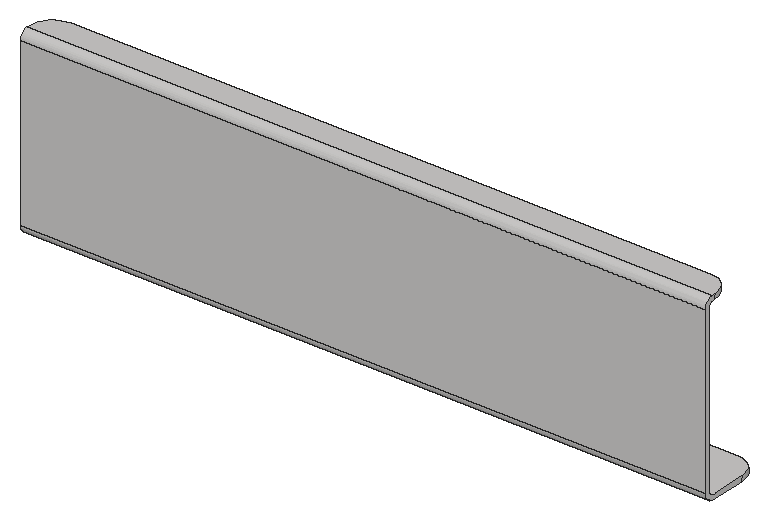
Revit family "PRD_FrankeWS_Shlvs_Heavy-DutyShelf_AL300HD,TA500HD,TA600HD", category Furniture, host Face, Revit 2018
Family settings
  Host = Face
  OmniClass Number = 23.40.20.00
  OmniClass Title = General Furniture and Specialties
  Cut with Voids When Loaded = No
  Shared = No
  Room Calculation Point = No
Parameters (values of type "AL300HD")
  WarrantyStartDate [instance] = "1900-12-31T23:59:59"
  WarrantyGuarantorParts = "n/a"
  WarrantyGuarantorLabor = "n/a"
  WarrantyDurationUnit = "year"
  WarrantyDurationParts = "n/a"
  WarrantyDurationLabor = "n/a"
  WarrantyDescription = "n/a"
  Version = "1"
  Uniclass2015Version = "Products v1.10"
  Uniclass2015Title = "Bathroom shelves"
  Uniclass2015Code = "Pr_40_30_78_06"
  URL = "www.kwc.com"
  TypeOfMounting = "Wall mounting"
  TagNumber [instance] = "n/a"
  SustainabilityPerformance = "n/a"
  Style = "Shelf"
  Size = "300 x 30 x 80 mm"
  ShelfMaterial = PRD_AR_StainlessSteel_SatinFinished
  Shape = "Rectangular"
  SerialNumber [instance] = "n/a"
  Revision = "n/a"
  ReplacementCost = "n/a"
  ProductInformation = "https://pim.kwc.com/product/2000056718/attachment/datasheet?locale=en"
  OverallWidth = 300.00 mm
  NominalWidth = 300.00 mm
  NominalHeight = 30.00 mm
  NominalDepth = 80.00 mm
  NetWeight = 0.60 kg
  Name = "HEAVY-DUTY shelf AL300HD"
  NBSTypeID = "n/a"
  NBSReference = "45-35-72/354"
  NBSOfficeMasterTag = "n/a"
  NBSNote = "n/a"
  NBSDescription = "Shelves"
  NBSCertification = "n/a"
  ModelReference = "AL300HD"
  ModelNumber = "2000056718"
  Model = ModelReference  # "AL300HD"
  Material = "Stainless steel"
  ManufacturerURL = "www.kwc.com"
  ManufacturerName = "KWC Group AG"  # constant formula
  Manufacturer = ManufacturerName  # "KWC Group AG"
  MainColor = "Stainless steel"
  IntegralAccessories = "Incl. stainless steel crosshead screws and dowels"
  InstallationDate [instance] = "1900-12-31T23:59:59"
  IfcExportType = "NOTDEFINED"
  IfcExportAs = "IfcFurnitureType"
  GrossWeight = 0.80 kg
  Grade = "n/a"
  Form = "Wall mounted"
  FinishAndColour = "Stainless steel 1.4301, satin finished"
  Finish = "Satin finished"
  Features = "stainless steel, 2.00 mm, satin finished, wall mounting, 300x30x80 mm (WxHxD)"
  ExpectedLife = "n/a"
  DurationUnit = "year"
  Description = "Shelf for wall mounting, stainless steel, surface satin finished, Material thickness 2 mm, rounded edges, protection edge at front. Incl. stainless steel crosshead screws and dowels. length 300 mm"
  Default Elevation = 1500.00 mm
  CreatedOn = "12/2018"  # constant formula
  Constituents = "n/a"
  Color = "Stainless steel"
  CodePerformance = "n/a"
  Category = "Pr_40_30_78_06, Bathroom shelves"
  BarCode [instance] = "n/a"
  BIMObjectName = "PRD_AR_Shelves_Heavy-DutyShelf_AL300HD"
  Author = "Archispace"  # constant formula
  AssetType = "Fixed"
  AssetIdentifier [instance] = "n/a"
  AccessibilityPerformance = "n/a"
Types (3, lengths in mm): name | Size | ProductInformation | OverallWidth | NominalWidth | NetWeight | Name | ModelReference | ModelNumber | Model | GrossWeight | Features | Description | BIMObjectName
  TA500HD | "500 x 30 x 80 mm" | "https://pim.kwc.com/product/2000102702/attachment/datasheet?locale=en" | 500.00 | 500.00 | 1.00 kg | "HEAVY-DUTY shelf TA500HD" | "TA500HD" | "2000102702" | "TA500HD" | 1.15 kg | "stainless steel, 2.00 mm, satin finished, wall mounting, 500x30x80 mm (WxHxD)" | "Shelf for wall mounting, stainless steel, surface satin finished, Material thickness 2 mm, rounded edges, protection edge at front. Incl. stainless steel crosshead screws and dowels. length 500 mm" | "PRD_AR_Shelves_Heavy-DutyShelf_TA500HD"
  AL300HD | "300 x 30 x 80 mm" | "https://pim.kwc.com/product/2000056718/attachment/datasheet?locale=en" | 300.00 | 300.00 | 0.60 kg | "HEAVY-DUTY shelf AL300HD" | "AL300HD" | "2000056718" | "AL300HD" | 0.80 kg | "stainless steel, 2.00 mm, satin finished, wall mounting, 300x30x80 mm (WxHxD)" | "Shelf for wall mounting, stainless steel, surface satin finished, Material thickness 2 mm, rounded edges, protection edge at front. Incl. stainless steel crosshead screws and dowels. length 300 mm" | "PRD_AR_Shelves_Heavy-DutyShelf_AL300HD"
  TA600HD | "600 x 30 x 80 mm" | "https://pim.kwc.com/product/2000090054/attachment/datasheet?locale=en" | 600.00 | 600.00 | 1.15 kg | "HEAVY-DUTY shelf TA600HD" | "TA600HD" | "2000090054" | "TA600HD" | 1.35 kg | "stainless steel, 2.00 mm, satin finished, wall mounting, 600x30x80 mm (WxHxD)" | "Shelf for wall mounting, stainless steel, surface satin finished, Material thickness 2 mm, rounded edges, protection edge at front. Incl. stainless steel crosshead screws and dowels. length 600 mm" | "PRD_AR_Shelves_Heavy-DutyShelf_TA600HD"
Reference planes
  plane 1 "Center (Front/Back)": y = 0
  plane 2: z = 0
  plane 3 "Center (Left/Right)": x = 0
  plane 4: x = -150
  plane 5: x = 150
Forms (mm)
  Extrusion 1, solid, material "PRD_AR_StainlessSteel_SatinFinished" <- "ShelfMaterial", detail levels fine
    sketch origin (0, 0, 0) x (0, 1, 0) y (0, 0, 1)
      loop
        line (2, 3.75) -> (2, 76.25)
        arc (2, 76.25) -> (2.513, 77.487) -> (3.75, 78) r 1.75
        line (3.75, 78) -> (15, 78) -> (15, 80) -> (3.75, 80)
        arc (3.75, 80) -> (1.098, 78.902) -> (0, 76.25) r 3.75
        line (0, 76.25) -> (0, 3.75)
        arc (0, 3.75) -> (1.098, 1.098) -> (3.75, 0) r 3.75
        line (3.75, 0) -> (30, 0) -> (30, 2) -> (3.75, 2)
        arc (3.75, 2) -> (2.513, 2.513) -> (2, 3.75) r 1.75
    from -150 to 150
  Extrusion 2, void
    sketch origin (0, 0, 0) x (1, 0, 0) y (0, 1, 0)
      loop
        line (-150, 30) -> (-150, 20)
        arc (-150, 20) -> (-147.071, 27.071) -> (-140, 30) r 10
        line (-140, 30) -> (-150, 30)
      loop
        line (150, 30) -> (140, 30)
        arc (140, 30) -> (147.071, 27.071) -> (150, 20) r 10
        line (150, 20) -> (150, 30)
    from 0 to 2
  Extrusion 3, void
    sketch origin (0, 0, 0) x (1, 0, 0) y (0, 1, 0)
      loop
        line (-150, 15) -> (-150, 5)
        arc (-150, 5) -> (-147.071, 12.071) -> (-140, 15) r 10
        line (-140, 15) -> (-150, 15)
      loop
        line (150, 15) -> (140, 15)
        arc (140, 15) -> (147.071, 12.071) -> (150, 5) r 10
        line (150, 5) -> (150, 15)
    from 10 to 80
  Extrusion 4, solid, material "PRD_AR_StainlessSteel_SatinFinished" <- "ShelfMaterial", detail levels medium
    sketch origin (0, 0, 0) x (0, 1, 0) y (0, 0, 1)
      loop
        line (15, 80) -> (0, 80) -> (0, 0) -> (30, 0) -> (30, 2) -> (2, 2) -> (2, 78) -> (15, 78) -> (15, 80)
    from -150 to 150
  Extrusion 5, solid, material "PRD_AR_StainlessSteel_SatinFinished" <- "ShelfMaterial", detail levels coarse
    sketch origin (0, 0, 0) x (0, 1, 0) y (0, 0, 1)
      loop
        line (15, 80) -> (0, 80) -> (0, 0) -> (30, 0) -> (30, 2) -> (15, 2) -> (15, 80)
    from -150 to 150
Cuts and joins
  Extrusion 2, Extrusion 3 cuts Extrusion 1
Lines and regions (mm)
  symbolic lines, detail levels fine
    curve 1: line (138, 0, 126.224) -> (-138, 0, 126.224)
    curve 2: line (-138, 0, 16) -> (138, 0, 16)
Dimensions and locks
  equal spacing: plane 4, plane 3 "Center (Left/Right)", plane 5
  "OverallWidth": plane 4 to plane 5
  aligned and locked: plane 2 to host face
  aligned and locked: level to host face
  aligned and locked: plane 4 to Extrusion 5
  aligned and locked: Extrusion 5 to plane 5
  aligned and locked: plane 4 to Extrusion 4
  aligned and locked: Extrusion 4 to plane 5
  aligned and locked: plane 4 to cut or joined group of Extrusion 1, Extrusion 2, Extrusion 3
  aligned and locked: cut or joined group of Extrusion 1, Extrusion 2, Extrusion 3 to plane 5
Automatic sketch dimensions
  host sketch curve to host sketch curve = 2438.40 mm  (x2)
  curve 1 to plane 4 = 12.00 mm
  level to curve 2 = 16.00 mm
  curve 2 to plane 4 = 12.00 mm
  plane 5 to curve 2 = 12.00 mm
  plane 5 to curve 1 = 12.00 mm
  curve 2 to curve 1 = 110.224 mm
  Extrusion 1 sketch curve to Extrusion 1 sketch curve = 0.00 mm  (x4)
  Extrusion 1 sketch curve to plane 1 "Center (Front/Back)" = 0.00 mm
  Extrusion 1 sketch curve to level = 0.00 mm
  Extrusion 1 sketch curve to Extrusion 1 sketch curve = 2.00 mm
  Extrusion 1 sketch curve to Extrusion 1 sketch curve = 1.75 mm  (x2)
  Extrusion 1 sketch curve to Extrusion 1 sketch curve = 11.25 mm
  Extrusion 1 sketch curve to Extrusion 1 sketch curve = 26.25 mm
  Extrusion 1 sketch curve to Extrusion 1 sketch curve = 72.50 mm
  Extrusion 2 sketch curve to plane 4 = 0.00 mm  (x2)
  Extrusion 2 sketch curve to plane 5 = 0.00 mm  (x2)
  Extrusion 2 sketch curve to plane 4 = 10.00 mm
  Extrusion 2 sketch curve to Extrusion 2 sketch curve = 10.00 mm
  Extrusion 2 sketch curve to plane 1 "Center (Front/Back)" = 20.00 mm  (x2)
  Extrusion 2 sketch curve to Extrusion 2 sketch curve = 0.00 mm  (x6)
  Extrusion 3 sketch curve to plane 4 = 0.00 mm
  Extrusion 3 sketch curve to plane 5 = 0.00 mm
  Extrusion 3 sketch curve to plane 1 "Center (Front/Back)" = 5.00 mm  (x2)
  Extrusion 3 sketch curve to plane 4 = 10.00 mm
  Extrusion 3 sketch curve to Extrusion 3 sketch curve = 10.00 mm
  Extrusion 3 sketch curve to Extrusion 3 sketch curve = 0.00 mm  (x4)
  Extrusion 4 sketch curve to level = 0.00 mm
  Extrusion 4 sketch curve to plane 1 "Center (Front/Back)" = 0.00 mm
  Extrusion 4 sketch curve to plane 1 "Center (Front/Back)" = 2.00 mm
  Extrusion 4 sketch curve to Extrusion 4 sketch curve = 13.00 mm
  Extrusion 4 sketch curve to Extrusion 4 sketch curve = 28.00 mm
  level to Extrusion 4 sketch curve = 2.00 mm
  Extrusion 4 sketch curve to Extrusion 4 sketch curve = 76.00 mm
  Extrusion 4 sketch curve to Extrusion 4 sketch curve = 2.00 mm
  Extrusion 5 sketch curve to plane 1 "Center (Front/Back)" = 0.00 mm
  Extrusion 5 sketch curve to level = 0.00 mm
  Extrusion 5 sketch curve to Extrusion 5 sketch curve = 15.00 mm  (x2)
  level to Extrusion 5 sketch curve = 2.00 mm
  Extrusion 5 sketch curve to Extrusion 5 sketch curve = 78.00 mm
